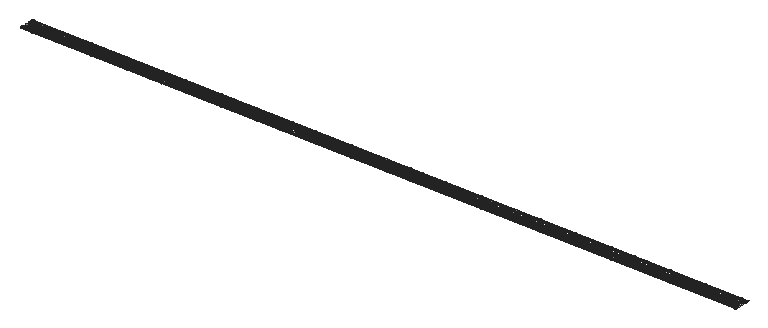
Revit family "Murfor Compact A-40 Masonry Reinforcement", category Specialty Equipment, Revit 2018
Family settings
  Round Connector Dimension = Use Diameter
  Part Type = Normal
  Work Plane-Based = No
  Always vertical = Yes
  Cut with Voids When Loaded = No
  Shared = No
  Room Calculation Point = No
Parameters (values of type "Murfor Compact A-40")
  Z = 41.50 mm
  Youngs Modulus - Gpa = 180
  Yield Strength - Mpa = 1770
  Y [instance] = X / 2  # 30
  X [instance] = Length L / Step c - 1  # 60
  Width - w = 40.00 mm
  Weight kg/ roll = "1.35"
  URL = "https://www.bekaert.com/en/products/construction/masonry-reinforcement/masonry-reinforcement-solutions"
  Type Image = Murfor Compact A-40.PNG
  Type Comments = "A mesh consisting of 7 steel cords"
  Thickness - e = 1.75 mm
  Strain Agt = 2.2
  Step c = 33.00 mm
  Steel Section Total = 4.83 mm
  Pitch (short) - a = 5.00 mm
  Pitch (long) - b = 10.00 mm
  Material Coating Reference EN845-3 = "R20"
  Material = Steel
  Manufacturer = "Bekaert"
  Longtidinal Cord = 0.69 mm
  Length L [instance] = 2000.00 mm
  Keynote = "suitable for all mortar joints with thickness between 3mm & 12mm"
  Description = "Compact masonry reinforcement, steel chords on interwove fibreglass roving"
  Datasheet = "https://www.bekaert.com/doc/~//-/media/Files/ImportFiles/Murfor-Compact/Murfor-Compact-A-40-A40.pdf?sc_lang=en"
  Application = "Murfor Compact A-40, made of Galvanised Steel, is suitable for Autoclaved Areated Concrete (AAC) masonry exposed o a dry environment (exposure class MX1, compliant with Eurocode 6/EN 845-3)."
Reference planes
  plane 1 "Center (Front/Back)": y = 0
  plane 2: z = 0
  plane 3 "Center (Left/Right)": x = 0
  plane 4 "Center L/S": x = 2000
  plane 5 "Center L/T": y = 40
  plane 6 "Center L/U": y = 5
  plane 7 "Center L/V": y = 10
  plane 8 "Center L/W": y = 20
  plane 9 "Center L/X": y = 30
  plane 10 "Center L/Y": y = 35
  plane 11 "Center L/Z": y = -1.75
  plane 12 "Center L/AA": y = 41.75
  plane 13: z = 0.875
Lines and regions (mm)
  symbolic lines, style "Masonry Reinforcement"
    curve 1: line (0, 41.75, 0) -> (2000, 41.75, 0)
    curve 2: line (0, -1.75, 0) -> (0, 41.75, 0)
    curve 3: line (2000, -1.75, 0) -> (0, -1.75, 0)
    curve 4: line (2000, 41.75, 0) -> (2000, -1.75, 0)
    curve 5: line (0, 30, 0) -> (2000, 30, 0)
    curve 6: line (0, 20, 0) -> (2000, 20, 0)
    curve 7: line (0, 10, 0) -> (2000, 10, 0)
  symbolic lines
    curve 8: line (0, 0, 0) -> (33, 40.985, 0)
    curve 9: line (33, 40.985, 0) -> (66, -0.515, 0)
    curve 12: line (66, 0, 0) -> (99, 40.985, 0)
    curve 13: line (99, 40.985, 0) -> (132, -0.515, 0)
    curve 14: line (132, 0, 0) -> (165, 40.985, 0)
    curve 15: line (165, 40.985, 0) -> (198, -0.515, 0)
    curve 16: line (198, 0, 0) -> (231, 40.985, 0)
    curve 17: line (231, 40.985, 0) -> (264, -0.515, 0)
    curve 18: line (264, 0, 0) -> (297, 40.985, 0)
    curve 19: line (297, 40.985, 0) -> (330, -0.515, 0)
    curve 20: line (330, 0, 0) -> (363, 40.985, 0)
    curve 21: line (363, 40.985, 0) -> (396, -0.515, 0)
    curve 22: line (396, 0, 0) -> (429, 40.985, 0)
    curve 23: line (429, 40.985, 0) -> (462, -0.515, 0)
    curve 24: line (462, 0, 0) -> (495, 40.985, 0)
    curve 25: line (495, 40.985, 0) -> (528, -0.515, 0)
    curve 26: line (528, 0, 0) -> (561, 40.985, 0)
    curve 27: line (561, 40.985, 0) -> (594, -0.515, 0)
    curve 28: line (594, 0, 0) -> (627, 40.985, 0)
    curve 29: line (627, 40.985, 0) -> (660, -0.515, 0)
    curve 30: line (660, 0, 0) -> (693, 40.985, 0)
    curve 31: line (693, 40.985, 0) -> (726, -0.515, 0)
    curve 32: line (726, 0, 0) -> (759, 40.985, 0)
    curve 33: line (759, 40.985, 0) -> (792, -0.515, 0)
    curve 34: line (792, 0, 0) -> (825, 40.985, 0)
    curve 35: line (825, 40.985, 0) -> (858, -0.515, 0)
    curve 36: line (858, 0, 0) -> (891, 40.985, 0)
    curve 37: line (891, 40.985, 0) -> (924, -0.515, 0)
    curve 38: line (924, 0, 0) -> (957, 40.985, 0)
    curve 39: line (957, 40.985, 0) -> (990, -0.515, 0)
    curve 40: line (990, 0, 0) -> (1023, 40.985, 0)
    curve 41: line (1023, 40.985, 0) -> (1056, -0.515, 0)
    curve 42: line (1056, 0, 0) -> (1089, 40.985, 0)
    curve 43: line (1089, 40.985, 0) -> (1122, -0.515, 0)
    curve 44: line (1122, 0, 0) -> (1155, 40.985, 0)
    curve 45: line (1155, 40.985, 0) -> (1188, -0.515, 0)
    curve 46: line (1188, 0, 0) -> (1221, 40.985, 0)
    curve 47: line (1221, 40.985, 0) -> (1254, -0.515, 0)
    curve 48: line (1254, 0, 0) -> (1287, 40.985, 0)
    curve 49: line (1287, 40.985, 0) -> (1320, -0.515, 0)
    curve 50: line (1320, 0, 0) -> (1353, 40.985, 0)
    curve 51: line (1353, 40.985, 0) -> (1386, -0.515, 0)
    curve 52: line (1386, 0, 0) -> (1419, 40.985, 0)
    curve 53: line (1419, 40.985, 0) -> (1452, -0.515, 0)
    curve 54: line (1452, 0, 0) -> (1485, 40.985, 0)
    curve 55: line (1485, 40.985, 0) -> (1518, -0.515, 0)
    curve 56: line (1518, 0, 0) -> (1551, 40.985, 0)
    curve 57: line (1551, 40.985, 0) -> (1584, -0.515, 0)
    curve 58: line (1584, 0, 0) -> (1617, 40.985, 0)
    curve 59: line (1617, 40.985, 0) -> (1650, -0.515, 0)
    curve 60: line (1650, 0, 0) -> (1683, 40.985, 0)
    curve 61: line (1683, 40.985, 0) -> (1716, -0.515, 0)
    curve 62: line (1716, 0, 0) -> (1749, 40.985, 0)
    curve 63: line (1749, 40.985, 0) -> (1782, -0.515, 0)
    curve 64: line (1782, 0, 0) -> (1815, 40.985, 0)
    curve 65: line (1815, 40.985, 0) -> (1848, -0.515, 0)
    curve 66: line (1848, 0, 0) -> (1881, 40.985, 0)
    curve 67: line (1881, 40.985, 0) -> (1914, -0.515, 0)
    curve 68: line (1914, 0, 0) -> (1947, 40.985, 0)
    curve 69: line (1947, 40.985, 0) -> (1980, -0.515, 0)
  symbolic lines, not visible
    curve 10: line (0, 0, 0) -> (33, 40.985, 0)
    curve 11: line (33, 40.985, 0) -> (66, -0.515, 0)
Dimensions and locks
  "Length L": plane 3 "Center (Left/Right)" to plane 4 "Center L/S"
  plane 1 "Center (Front/Back)" to plane 5 "Center L/T" = 40.00 mm
  "Pitch (short) - a": plane 1 "Center (Front/Back)" to plane 6 "Center L/U"
  "Pitch (short) - a": plane 6 "Center L/U" to plane 7 "Center L/V"
  "Pitch (short) - a": plane 10 "Center L/Y" to plane 5 "Center L/T"
  "Pitch (short) - a": plane 9 "Center L/X" to plane 10 "Center L/Y"
  "Pitch (long) - b": plane 8 "Center L/W" to plane 9 "Center L/X"
  "Pitch (long) - b": plane 7 "Center L/V" to plane 8 "Center L/W"
  "Thickness - e": plane 5 "Center L/T" to plane 12 "Center L/AA"
  "Thickness - e": plane 11 "Center L/Z" to plane 1 "Center (Front/Back)"
  "Step c": plane 3 "Center (Left/Right)" to nested 8
  nested 8 to level = 0.00 mm
  equal spacing: group 2, group 4, group 5, group 6, group 7, group 8, group 9, group 10, group 11, group 12, group 13, group 14, group 15, group 16, group 17, group 18, group 19, group 20, group 21, group 22, group 23, group 24, group 25, group 26, group 27, group 28, group 29, group 30, group 31, group 32  (x3)
  equal spacing: group 1, group 33, group 34, group 35, group 36, group 37, group 38, group 39, group 40, group 41, group 42, group 43, group 44, group 45, group 46, group 47, group 48, group 49, group 50, group 51, group 52, group 53, group 54, group 55, group 56, group 57, group 58, group 59, group 60, group 61, group 62, group 63, group 64, group 65, group 66, group 67, group 68, group 69, group 70, group 71, group 72, group 73, group 74, group 75, group 76, group 77, group 78, group 79, group 80, group 81, group 82, group 83, group 84, group 85, group 86, group 87, group 88, group 89, group 90, group 91  (x3)
  aligned and locked: level to plane 2
  aligned and locked: plane 1 "Center (Front/Back)" to nested 1
  aligned and locked: plane 3 "Center (Left/Right)" to nested 1
  aligned and locked: plane 5 "Center L/T" to nested 6
  aligned and locked: plane 3 "Center (Left/Right)" to nested 6
  aligned and locked: plane 3 "Center (Left/Right)" to nested 5
  aligned and locked: plane 3 "Center (Left/Right)" to nested 7
  aligned and locked: plane 3 "Center (Left/Right)" to nested 4
  aligned and locked: plane 3 "Center (Left/Right)" to nested 3
  aligned and locked: plane 3 "Center (Left/Right)" to nested 2
  aligned and locked: nested 1 to plane 3 "Center (Left/Right)"
  aligned and locked: plane 6 "Center L/U" to nested 2
  aligned and locked: plane 7 "Center L/V" to nested 3
  aligned and locked: plane 8 "Center L/W" to nested 4
  aligned and locked: plane 9 "Center L/X" to nested 7
  aligned and locked: plane 10 "Center L/Y" to nested 5
  aligned and locked: plane 4 "Center L/S" to nested 6
  aligned and locked: plane 4 "Center L/S" to nested 5
  aligned and locked: plane 4 "Center L/S" to nested 7
  aligned and locked: plane 4 "Center L/S" to nested 4
  aligned and locked: plane 4 "Center L/S" to nested 3
  aligned and locked: plane 4 "Center L/S" to nested 1
  aligned and locked: plane 4 "Center L/S" to nested 2
  aligned and locked: plane 12 "Center L/AA" to curve 1
  aligned and locked: plane 3 "Center (Left/Right)" to curve 2
  aligned and locked: curve 3 to plane 11 "Center L/Z"
  aligned and locked: curve 2 to curve 7
  aligned and locked: plane 4 "Center L/S" to curve 7
Automatic sketch dimensions
  plane 7 "Center L/V" to curve 7 = 0.00 mm
  plane 8 "Center L/W" to curve 6 = 0.00 mm
  plane 9 "Center L/X" to curve 5 = 0.00 mm
Nested families
  nested 1: "Murfor Cord Section" at (0, 0, 0), type "Murfor Cord Section"
    with Length 2000.00 mm
  nested 2: "Murfor Cord Section" at (0, 5, 0), type "Murfor Cord Section"
    with Length 2000.00 mm
  nested 3: "Murfor Cord Section" at (0, 10, 0), type "Murfor Cord Section"
    with Length 2000.00 mm
  nested 4: "Murfor Cord Section" at (0, 20, 0), type "Murfor Cord Section"
    with Length 2000.00 mm
  nested 5: "Murfor Cord Section" at (0, 35, 0), type "Murfor Cord Section"
    with Length 2000.00 mm
  nested 6: "Murfor Cord Section" at (0, 40, 0), type "Murfor Cord Section"
    with Length 2000.00 mm
  nested 7: "Murfor Cord Section" at (0, 30, 0), type "Murfor Cord Section"
    with Length 2000.00 mm
  nested 8: "Murfor Cord Section" at (33, -0.515, 0) x (0, 1, 0) z (0, 0, 1), Length <- "Z", type "Murfor Cord Cross Section"
    with Length 41.50 mm, Thickness - e 0.90 mm
  nested 9: "Murfor Cord Section" at (66, -0.515, 0) x (0, 1, 0) z (0, 0, 1), Length <- "Z", type "Murfor Cord Cross Section"
    with Length 41.50 mm, Thickness - e 0.90 mm
  nested 10: "Murfor Cord Section" at (99, -0.515, 0) x (0, 1, 0) z (0, 0, 1), Length <- "Z", type "Murfor Cord Cross Section"
    with Length 41.50 mm, Thickness - e 0.90 mm
  nested 11: "Murfor Cord Section" at (132, -0.515, 0) x (0, 1, 0) z (0, 0, 1), Length <- "Z", type "Murfor Cord Cross Section"
    with Length 41.50 mm, Thickness - e 0.90 mm
  nested 12: "Murfor Cord Section" at (165, -0.515, 0) x (0, 1, 0) z (0, 0, 1), Length <- "Z", type "Murfor Cord Cross Section"
    with Length 41.50 mm, Thickness - e 0.90 mm
  nested 13: "Murfor Cord Section" at (198, -0.515, 0) x (0, 1, 0) z (0, 0, 1), Length <- "Z", type "Murfor Cord Cross Section"
    with Length 41.50 mm, Thickness - e 0.90 mm
  nested 14: "Murfor Cord Section" at (231, -0.515, 0) x (0, 1, 0) z (0, 0, 1), Length <- "Z", type "Murfor Cord Cross Section"
    with Length 41.50 mm, Thickness - e 0.90 mm
  nested 15: "Murfor Cord Section" at (264, -0.515, 0) x (0, 1, 0) z (0, 0, 1), Length <- "Z", type "Murfor Cord Cross Section"
    with Length 41.50 mm, Thickness - e 0.90 mm
  nested 16: "Murfor Cord Section" at (297, -0.515, 0) x (0, 1, 0) z (0, 0, 1), Length <- "Z", type "Murfor Cord Cross Section"
    with Length 41.50 mm, Thickness - e 0.90 mm
  nested 17: "Murfor Cord Section" at (330, -0.515, 0) x (0, 1, 0) z (0, 0, 1), Length <- "Z", type "Murfor Cord Cross Section"
    with Length 41.50 mm, Thickness - e 0.90 mm
  nested 18: "Murfor Cord Section" at (363, -0.515, 0) x (0, 1, 0) z (0, 0, 1), Length <- "Z", type "Murfor Cord Cross Section"
    with Length 41.50 mm, Thickness - e 0.90 mm
  nested 19: "Murfor Cord Section" at (396, -0.515, 0) x (0, 1, 0) z (0, 0, 1), Length <- "Z", type "Murfor Cord Cross Section"
    with Length 41.50 mm, Thickness - e 0.90 mm
  nested 20: "Murfor Cord Section" at (429, -0.515, 0) x (0, 1, 0) z (0, 0, 1), Length <- "Z", type "Murfor Cord Cross Section"
    with Length 41.50 mm, Thickness - e 0.90 mm
  nested 21: "Murfor Cord Section" at (462, -0.515, 0) x (0, 1, 0) z (0, 0, 1), Length <- "Z", type "Murfor Cord Cross Section"
    with Length 41.50 mm, Thickness - e 0.90 mm
  nested 22: "Murfor Cord Section" at (495, -0.515, 0) x (0, 1, 0) z (0, 0, 1), Length <- "Z", type "Murfor Cord Cross Section"
    with Length 41.50 mm, Thickness - e 0.90 mm
  nested 23: "Murfor Cord Section" at (528, -0.515, 0) x (0, 1, 0) z (0, 0, 1), Length <- "Z", type "Murfor Cord Cross Section"
    with Length 41.50 mm, Thickness - e 0.90 mm
  nested 24: "Murfor Cord Section" at (561, -0.515, 0) x (0, 1, 0) z (0, 0, 1), Length <- "Z", type "Murfor Cord Cross Section"
    with Length 41.50 mm, Thickness - e 0.90 mm
  nested 25: "Murfor Cord Section" at (594, -0.515, 0) x (0, 1, 0) z (0, 0, 1), Length <- "Z", type "Murfor Cord Cross Section"
    with Length 41.50 mm, Thickness - e 0.90 mm
  nested 26: "Murfor Cord Section" at (627, -0.515, 0) x (0, 1, 0) z (0, 0, 1), Length <- "Z", type "Murfor Cord Cross Section"
    with Length 41.50 mm, Thickness - e 0.90 mm
  nested 27: "Murfor Cord Section" at (660, -0.515, 0) x (0, 1, 0) z (0, 0, 1), Length <- "Z", type "Murfor Cord Cross Section"
    with Length 41.50 mm, Thickness - e 0.90 mm
  nested 28: "Murfor Cord Section" at (693, -0.515, 0) x (0, 1, 0) z (0, 0, 1), Length <- "Z", type "Murfor Cord Cross Section"
    with Length 41.50 mm, Thickness - e 0.90 mm
  nested 29: "Murfor Cord Section" at (726, -0.515, 0) x (0, 1, 0) z (0, 0, 1), Length <- "Z", type "Murfor Cord Cross Section"
    with Length 41.50 mm, Thickness - e 0.90 mm
  nested 30: "Murfor Cord Section" at (759, -0.515, 0) x (0, 1, 0) z (0, 0, 1), Length <- "Z", type "Murfor Cord Cross Section"
    with Length 41.50 mm, Thickness - e 0.90 mm
  nested 31: "Murfor Cord Section" at (792, -0.515, 0) x (0, 1, 0) z (0, 0, 1), Length <- "Z", type "Murfor Cord Cross Section"
    with Length 41.50 mm, Thickness - e 0.90 mm
  nested 32: "Murfor Cord Section" at (825, -0.515, 0) x (0, 1, 0) z (0, 0, 1), Length <- "Z", type "Murfor Cord Cross Section"
    with Length 41.50 mm, Thickness - e 0.90 mm
  nested 33: "Murfor Cord Section" at (858, -0.515, 0) x (0, 1, 0) z (0, 0, 1), Length <- "Z", type "Murfor Cord Cross Section"
    with Length 41.50 mm, Thickness - e 0.90 mm
  nested 34: "Murfor Cord Section" at (891, -0.515, 0) x (0, 1, 0) z (0, 0, 1), Length <- "Z", type "Murfor Cord Cross Section"
    with Length 41.50 mm, Thickness - e 0.90 mm
  nested 35: "Murfor Cord Section" at (924, -0.515, 0) x (0, 1, 0) z (0, 0, 1), Length <- "Z", type "Murfor Cord Cross Section"
    with Length 41.50 mm, Thickness - e 0.90 mm
  nested 36: "Murfor Cord Section" at (957, -0.515, 0) x (0, 1, 0) z (0, 0, 1), Length <- "Z", type "Murfor Cord Cross Section"
    with Length 41.50 mm, Thickness - e 0.90 mm
  nested 37: "Murfor Cord Section" at (990, -0.515, 0) x (0, 1, 0) z (0, 0, 1), Length <- "Z", type "Murfor Cord Cross Section"
    with Length 41.50 mm, Thickness - e 0.90 mm
  nested 38: "Murfor Cord Section" at (1023, -0.515, 0) x (0, 1, 0) z (0, 0, 1), Length <- "Z", type "Murfor Cord Cross Section"
    with Length 41.50 mm, Thickness - e 0.90 mm
  nested 39: "Murfor Cord Section" at (1056, -0.515, 0) x (0, 1, 0) z (0, 0, 1), Length <- "Z", type "Murfor Cord Cross Section"
    with Length 41.50 mm, Thickness - e 0.90 mm
  nested 40: "Murfor Cord Section" at (1089, -0.515, 0) x (0, 1, 0) z (0, 0, 1), Length <- "Z", type "Murfor Cord Cross Section"
    with Length 41.50 mm, Thickness - e 0.90 mm
  nested 41: "Murfor Cord Section" at (1122, -0.515, 0) x (0, 1, 0) z (0, 0, 1), Length <- "Z", type "Murfor Cord Cross Section"
    with Length 41.50 mm, Thickness - e 0.90 mm
  nested 42: "Murfor Cord Section" at (1155, -0.515, 0) x (0, 1, 0) z (0, 0, 1), Length <- "Z", type "Murfor Cord Cross Section"
    with Length 41.50 mm, Thickness - e 0.90 mm
  nested 43: "Murfor Cord Section" at (1188, -0.515, 0) x (0, 1, 0) z (0, 0, 1), Length <- "Z", type "Murfor Cord Cross Section"
    with Length 41.50 mm, Thickness - e 0.90 mm
  nested 44: "Murfor Cord Section" at (1221, -0.515, 0) x (0, 1, 0) z (0, 0, 1), Length <- "Z", type "Murfor Cord Cross Section"
    with Length 41.50 mm, Thickness - e 0.90 mm
  nested 45: "Murfor Cord Section" at (1254, -0.515, 0) x (0, 1, 0) z (0, 0, 1), Length <- "Z", type "Murfor Cord Cross Section"
    with Length 41.50 mm, Thickness - e 0.90 mm
  nested 46: "Murfor Cord Section" at (1287, -0.515, 0) x (0, 1, 0) z (0, 0, 1), Length <- "Z", type "Murfor Cord Cross Section"
    with Length 41.50 mm, Thickness - e 0.90 mm
  nested 47: "Murfor Cord Section" at (1320, -0.515, 0) x (0, 1, 0) z (0, 0, 1), Length <- "Z", type "Murfor Cord Cross Section"
    with Length 41.50 mm, Thickness - e 0.90 mm
  nested 48: "Murfor Cord Section" at (1353, -0.515, 0) x (0, 1, 0) z (0, 0, 1), Length <- "Z", type "Murfor Cord Cross Section"
    with Length 41.50 mm, Thickness - e 0.90 mm
  nested 49: "Murfor Cord Section" at (1386, -0.515, 0) x (0, 1, 0) z (0, 0, 1), Length <- "Z", type "Murfor Cord Cross Section"
    with Length 41.50 mm, Thickness - e 0.90 mm
  nested 50: "Murfor Cord Section" at (1419, -0.515, 0) x (0, 1, 0) z (0, 0, 1), Length <- "Z", type "Murfor Cord Cross Section"
    with Length 41.50 mm, Thickness - e 0.90 mm
  nested 51: "Murfor Cord Section" at (1452, -0.515, 0) x (0, 1, 0) z (0, 0, 1), Length <- "Z", type "Murfor Cord Cross Section"
    with Length 41.50 mm, Thickness - e 0.90 mm
  nested 52: "Murfor Cord Section" at (1485, -0.515, 0) x (0, 1, 0) z (0, 0, 1), Length <- "Z", type "Murfor Cord Cross Section"
    with Length 41.50 mm, Thickness - e 0.90 mm
  nested 53: "Murfor Cord Section" at (1518, -0.515, 0) x (0, 1, 0) z (0, 0, 1), Length <- "Z", type "Murfor Cord Cross Section"
    with Length 41.50 mm, Thickness - e 0.90 mm
  nested 54: "Murfor Cord Section" at (1551, -0.515, 0) x (0, 1, 0) z (0, 0, 1), Length <- "Z", type "Murfor Cord Cross Section"
    with Length 41.50 mm, Thickness - e 0.90 mm
  nested 55: "Murfor Cord Section" at (1584, -0.515, 0) x (0, 1, 0) z (0, 0, 1), Length <- "Z", type "Murfor Cord Cross Section"
    with Length 41.50 mm, Thickness - e 0.90 mm
  nested 56: "Murfor Cord Section" at (1617, -0.515, 0) x (0, 1, 0) z (0, 0, 1), Length <- "Z", type "Murfor Cord Cross Section"
    with Length 41.50 mm, Thickness - e 0.90 mm
  nested 57: "Murfor Cord Section" at (1650, -0.515, 0) x (0, 1, 0) z (0, 0, 1), Length <- "Z", type "Murfor Cord Cross Section"
    with Length 41.50 mm, Thickness - e 0.90 mm
  nested 58: "Murfor Cord Section" at (1683, -0.515, 0) x (0, 1, 0) z (0, 0, 1), Length <- "Z", type "Murfor Cord Cross Section"
    with Length 41.50 mm, Thickness - e 0.90 mm
  nested 59: "Murfor Cord Section" at (1716, -0.515, 0) x (0, 1, 0) z (0, 0, 1), Length <- "Z", type "Murfor Cord Cross Section"
    with Length 41.50 mm, Thickness - e 0.90 mm
  nested 60: "Murfor Cord Section" at (1749, -0.515, 0) x (0, 1, 0) z (0, 0, 1), Length <- "Z", type "Murfor Cord Cross Section"
    with Length 41.50 mm, Thickness - e 0.90 mm
  nested 61: "Murfor Cord Section" at (1782, -0.515, 0) x (0, 1, 0) z (0, 0, 1), Length <- "Z", type "Murfor Cord Cross Section"
    with Length 41.50 mm, Thickness - e 0.90 mm
  nested 62: "Murfor Cord Section" at (1815, -0.515, 0) x (0, 1, 0) z (0, 0, 1), Length <- "Z", type "Murfor Cord Cross Section"
    with Length 41.50 mm, Thickness - e 0.90 mm
  nested 63: "Murfor Cord Section" at (1848, -0.515, 0) x (0, 1, 0) z (0, 0, 1), Length <- "Z", type "Murfor Cord Cross Section"
    with Length 41.50 mm, Thickness - e 0.90 mm
  nested 64: "Murfor Cord Section" at (1881, -0.515, 0) x (0, 1, 0) z (0, 0, 1), Length <- "Z", type "Murfor Cord Cross Section"
    with Length 41.50 mm, Thickness - e 0.90 mm
  nested 65: "Murfor Cord Section" at (1914, -0.515, 0) x (0, 1, 0) z (0, 0, 1), Length <- "Z", type "Murfor Cord Cross Section"
    with Length 41.50 mm, Thickness - e 0.90 mm
  nested 66: "Murfor Cord Section" at (1947, -0.515, 0) x (0, 1, 0) z (0, 0, 1), Length <- "Z", type "Murfor Cord Cross Section"
    with Length 41.50 mm, Thickness - e 0.90 mm
  nested 67: "Murfor Cord Section" at (1980, -0.515, 0) x (0, 1, 0) z (0, 0, 1), Length <- "Z", type "Murfor Cord Cross Section"
    with Length 41.50 mm, Thickness - e 0.90 mm
Definition of nested family "Murfor Cord Section"
  Parameters (values of type "Murfor Cord Section")
    Thickness - e = 1.75 mm
    Length [instance] = 1000.00 mm
  Reference planes
    plane 1 "Center (Front/Back)": y = 0
    plane 2: z = 0
    plane 3 "Center (Left/Right)": x = 0
    plane 4: x = 1000
  Forms (mm)
    Extrusion 1, solid
      sketch origin (0, 0, 0) x (0, 1, 0) y (0, 0, 1)
        loop
          circle (0, 0) r 0.875
      from 0 to 1000
  Dimensions and locks
    "Length": plane 3 "Center (Left/Right)" to plane 4
    "Thickness - e": diameter of Extrusion 1 sketch curve
    aligned and locked: level to plane 2
    aligned and locked: Extrusion 1 to plane 3 "Center (Left/Right)"
    aligned and locked: plane 4 to Extrusion 1
  Automatic sketch dimensions
    Extrusion 1 sketch curve to level = 0.00 mm
    Extrusion 1 sketch curve to plane 1 "Center (Front/Back)" = 0.00 mm
